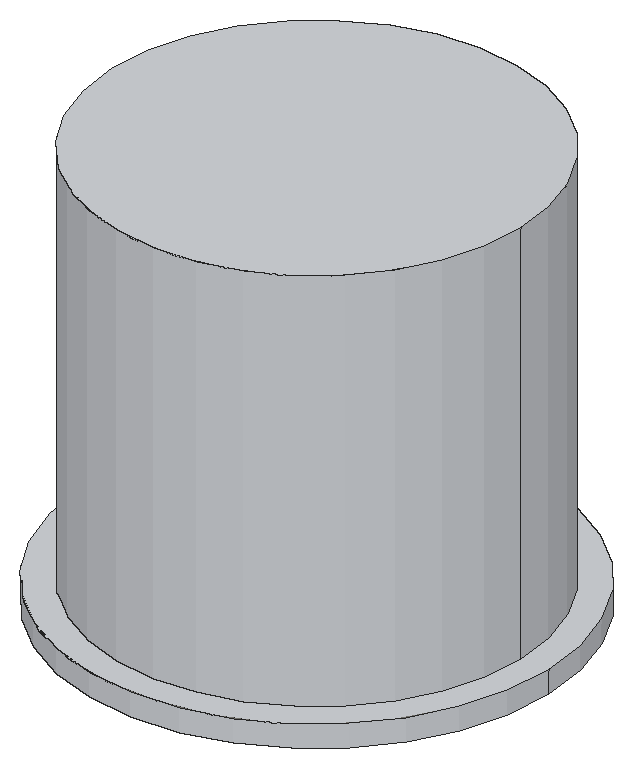
Revit family "ECLIPSE 4", category Lighting Fixtures, host Ceiling, Revit 2017
Family settings
  Host = Ceiling
  Round Connector Dimension = Use Diameter
  Part Type = Normal
  OmniClass Number = 23.80.70.11
  OmniClass Title = Luminaries for Internal Lighting
  Always vertical = Yes
  Cut with Voids When Loaded = No
  Light Source = Yes
  Shared = No
  Room Calculation Point = No
Parameters (values of type "Type 1")
  Wattage = 9.2903 W
  built-in parameter 1150110 = 1 (stored number, unit not read)
  built-in parameter 1114217 = 1 (stored number, unit not read)
  Tilt Angle = 90.00°
  built-in parameter 1150109 = 1 (stored number, unit not read)
  built-in parameter 1150134 = (empty or 0)
  built-in parameter 1150113 = 1 (stored number, unit not read)
  Photometric Web File = "ELR100P 35D.IES"
  Lumens = 1380 lm
  built-in parameter 1150115 = 1 (stored number, unit not read)
  built-in parameter 1150105 = 109.82 (stored number, unit not read)
  built-in parameter 1150137 = (empty or 0)
  built-in parameter 1150139 = (empty or 0)
  built-in parameter 1150112 = 1 (stored number, unit not read)
  built-in parameter 1150114 = 1 (stored number, unit not read)
  built-in parameter 1150132 = 2
  built-in parameter 1150102 = (empty or 0)
  built-in parameter 1150138 = (empty or 0)
  built-in parameter 1150107 = 3000 (stored number, unit not read)
  built-in parameter 1150106 = 1.0982 (stored number, unit not read)
  built-in parameter 1150104 = 13.8 (stored number, unit not read)
  Dimming Lamp Color Temperature Shift = <None>
  Color Filter = 16777215
  built-in parameter 1114218 = 1 (stored number, unit not read)
  built-in parameter 1150133 = 10 (stored number, unit not read)
Reference planes
  plane 1 "Light Source Axis (F/B)": y = 0
  plane 2: z = 0
  plane 3 "Light Source Axis (L/R)": x = 0
  plane 4 "Ceiling": z = 4000
  plane 5 "Light Source Elevation": z = 3995.625
  plane 6: x = -41.288
  plane 7: x = 41.258
  plane 8: y = 52.5
  plane 9: y = -52.5
Forms (mm)
  Extrusion 1, solid
    sketch origin (0, 0, 4000) x (0, 1, 0) y (-1, 0, 0)
      loop
        circle (0, 0) r 68.274
      loop
        circle (0, 0.015) r 60
    from 6.5 to 0
  Extrusion 2, solid
    sketch origin (0, 0, 4000) x (0, 1, 0) y (-1, 0, 0)
      loop
        circle (0, 0.015) r 60
    from 6.5 to 120
  Extrusion 3, solid, material "Glass, Frosted"
    sketch origin (0, 0, 4000) x (0, 1, 0) y (-1, 0, 0)
      loop
        circle (0, 0.015) r 60
    from 0 to 3
Lines and regions (mm)
  Opening 1
    outline origin (0, 0, 4000) x (1, 0, 0) y (0, 1, 0)
      loop
        circle (0, 0) r 68.274
Dimensions and locks
  equal spacing: host sketch curve, plane 3 "Light Source Axis (L/R)", host sketch curve
  equal spacing: host sketch curve, plane 1 "Light Source Axis (F/B)", host sketch curve
  host sketch curve to host sketch curve = 4000.00 mm  (x2)
  plane 4 "Ceiling" to host ceiling = 0.00 mm
  plane 8 to plane 9 = 105.00 mm
  plane 4 "Ceiling" to Extrusion 2 = 120.00 mm
  plane 7 to plane 6 = 82.546 mm
  aligned and locked: plane 5 "Light Source Elevation" to imposter light
